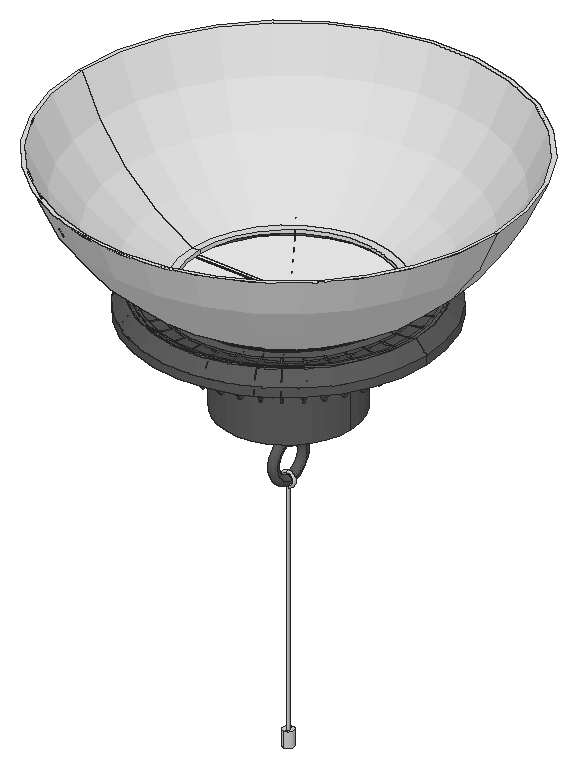
Revit family "0039365+0039356 Sylvania Lighting Fixture START HighBay IP65 DALI 13000lm 840 WB with ALU SHADE ALU COLOR FOR 13 19KLM pendant", category Lighting Fixtures, host Face, Revit 2017
Family settings
  Host = Face
  Round Connector Dimension = Use Diameter
  Part Type = Normal
  OmniClass Number = 23.80.70.00
  OmniClass Title = Lighting
  Cut with Voids When Loaded = No
  Light Source = Yes
  Shared = No
  Room Calculation Point = No
Parameters (values of type "0039365+0039356 START HighBay IP65 DALI 13000lm 840 WB with ALU SHADE ALU COLOR FOR 13/19KLM")
  WidthStraight_FEILO = if(SizeS_FEILO, 3 mm, if(SizeM_FEILO, 4 mm, 4.7 mm))  # 3 mm
  WidthRingChamfer_FEILO = if(SizeS_FEILO, 10.3 mm, if(SizeM_FEILO, 11.2 mm, 12.9 mm))  # 10.3 mm
  WidthCurved_FEILO = if(SizeS_FEILO, 17.4 mm, if(SizeM_FEILO, 16.4 mm, 26.2 mm))  # 17.4 mm
  WidthCurvedRing_FEILO = if(SizeS_FEILO, 3 mm, if(SizeM_FEILO, 4 mm, 4.7 mm))  # 3 mm
  WidthBracket_FEILO = 40 mm
  Weight = "3.0 kg"
  Wattage Comments = ""
  Wattage = 90 W
  WarrantyStartDate [instance] = "n/a"
  WarrantyGuarantorParts = "n/a"
  WarrantyDurationUnit = "n/a"
  WarrantyDurationParts = "n/a"
  WarrantyDescription = "n/a"
  built-in parameter 1150110 = 1 (stored number, unit not read)
  Voltage = 0 V
  VisibilityBracket_FEILO = no
  URL = "http://www.sylvania-lighting.com"
  TypeName = "START HighBay IP65 DALI 13000lm 840 WB with ALU SHADE ALU COLOR FOR 13/19KLM"
  Type Image = <None>
  Type Comments = "n/a"
  built-in parameter 1114217 = 1 (stored number, unit not read)
  Tilt Angle = -90.00°
  ThicknessWall_FEILO = 1.5 mm
  ThicknessBracket_FEILO = 1.5 mm
  ThicknessBracketHalf_FEILO = ThicknessBracket_FEILO / 2  # 0.75 mm
  built-in parameter 1150109 = 1 (stored number, unit not read)
  built-in parameter 1150134 = 1
  SuspensionHeight_FEILO [instance] = 400 mm
  built-in parameter 1150113 = 1 (stored number, unit not read)
  SizeS_FEILO = yes
  SizeM_FEILO = no
  ShadeThickness_FEILO = 3 mm
  ShadeSizeSM_FEILO = or(SizeS_FEILO, SizeM_FEILO)  # yes
  ShadeRadiusOut_FEILO = 205 mm
  ShadeRadiusIn_FEILO = if(ShadeSizeSM_FEILO, 95 mm, 121 mm)  # 95 mm
  ShadeRadiusBend_FEILO = if(ShadeSizeSM_FEILO, 210 mm, 210 mm)  # 210 mm
  ShadeHeight_FEILO = if(ShadeSizeSM_FEILO, 120 mm, 151 mm)  # 120 mm
  SerialNumber [instance] = "n/a"
  Rib4_FEILO = if(SizeS_FEILO, 18.1 mm, if(SizeM_FEILO, 13.6 mm, 14.6 mm))  # 18.1 mm
  Rib3_FEILO = if(SizeS_FEILO, 15.3 mm, if(SizeM_FEILO, 17.6 mm, 20.2 mm))  # 15.3 mm
  Rib2_FEILO = if(SizeS_FEILO, 3.6 mm, if(SizeM_FEILO, 3.9 mm, 4.5 mm))  # 3.6 mm
  Rib1_FEILO = if(SizeS_FEILO, 15.1 mm, if(SizeM_FEILO, 16.5 mm, 19 mm))  # 15.1 mm
  RadiusDiffuser_FEILO = if(SizeS_FEILO, 95.2 mm, if(SizeM_FEILO, 105.3 mm, 120 mm))  # 95.2 mm
  RadiusArrayPost_FEILO = DriverRadius_FEILO - 6 mm  # 55.4 mm
  RHRadius3_FEILO = if(SizeS_FEILO, 6.6 mm, if(SizeM_FEILO, 7.4 mm, 8.6 mm))  # 6.6 mm
  RHRadius2_FEILO = if(SizeS_FEILO, 11 mm, if(SizeM_FEILO, 12 mm, 14 mm))  # 11 mm
  RHRadius1_FEILO = if(SizeS_FEILO, 13.6 mm, if(SizeM_FEILO, 14.9 mm, 17.7 mm))  # 13.6 mm
  RHHeight4_FEILO = if(SizeS_FEILO, 7.3 mm, if(SizeM_FEILO, 8 mm, 9.2 mm))  # 7.3 mm
  RHHeight3_FEILO = if(SizeS_FEILO, 3.6 mm, if(SizeM_FEILO, 3.7 mm, 4.6 mm))  # 3.6 mm
  RHHeight2_FEILO = if(SizeS_FEILO, 2 mm, if(SizeM_FEILO, 2.2 mm, 2.6 mm))  # 2 mm
  RHHeight1_FEILO = if(SizeS_FEILO, 11.8 mm, if(SizeM_FEILO, 15.3 mm, 17.4 mm))  # 11.8 mm
  Photometric Web File = "0039365+0039356.ies"
  Material_5_FEILO = Shade-Sylvania-StartHighbay-Alu
  Material_3_FEILO = LED-Sylvania-StartHighbay-Glow
  PowerFactor = 0.95
  PowerConsumption = "90 W"
  NominalLength = 270 mm
  NominalHeight = 175 mm
  NominalDepth = 270 mm
  Name = "START HighBay IP65 DALI 13000lm 840 WB with ALU SHADE ALU COLOR FOR 13/19KLM"
  ModelReference = Name  # "START HighBay IP65 DALI 13000lm 840 WB with ALU SHADE ALU COLOR FOR 13/19KLM"
  ModelNumber = "0039365+0039356"
  Model = Name  # "START HighBay IP65 DALI 13000lm 840 WB with ALU SHADE ALU COLOR FOR 13/19KLM"
  Material = "aluminium alloy housing, polycarbonate diffuser"
  ManufacturerName = "Feilo Sylvania"
  Manufacturer = "Feilo Sylvania"
  LuminousEfficacy = "130 lm/W"
  built-in parameter 1150105 = 15901.2 (stored number, unit not read)
  Lumens = 11700 lm
  LuminaireType = ""
  built-in parameter 1150115 = 1 (stored number, unit not read)
  LightOutputRatio = "n/a"
  built-in parameter 1150137 = (empty or 0)
  built-in parameter 1150139 = (empty or 0)
  LampsType = Lamp  # "LED"
  LampNominalLuminous = "11700 lm"
  LampMacAdamStep = "6"
  LampColourTemperature = "6500 K"
  LampColourRenderingIndex = "80"
  built-in parameter 1150112 = 1 (stored number, unit not read)
  built-in parameter 1150114 = 1 (stored number, unit not read)
  Lamp = "LED"
  Keynote = "16500"
  InstallationDate [instance] = "n/a"
  InputVoltage = "n/a"
  InputNominalFrequency = "50/60 Hz"
  built-in parameter 1150132 = (empty or 0)
  built-in parameter 1150102 = (empty or 0)
  built-in parameter 1150107 = 6500 (stored number, unit not read)
  built-in parameter 1150138 = (empty or 0)
  IngressProtection = "IP65"
  ImpactProtectionIndex = "IK08"
  built-in parameter 1150106 = 159.01 (stored number, unit not read)
  IfcExportType = "IfcLightFixtureType"
  IfcExportAs = "IfcLightFixtureType"
  HeightRing_FEILO = if(SizeS_FEILO, 19.8 mm, if(SizeM_FEILO, 32 mm, 36.8 mm))  # 19.8 mm
  HeightRingChamfer_FEILO = if(SizeS_FEILO, 11.7 mm, if(SizeM_FEILO, 23.2 mm, 26.6 mm))  # 11.7 mm
  EyeThickness_FEILO = if(SizeS_FEILO, 8.4 mm, if(SizeM_FEILO, 9.2 mm, 10.5 mm))  # 8.4 mm
  EyeThicknessHalf_FEILO = EyeThickness_FEILO / 2  # 4.2 mm
  EyeInner_FEILO = if(SizeS_FEILO, 13.8 mm, if(SizeM_FEILO, 15.1 mm, 17.3 mm))  # 13.8 mm
  ExpectedLife = 50000
  Emit from Circle Diameter = RadiusDiffuser_FEILO * 2  # 190.4 mm
  Emit Shape Visible in Rendering = no
  ElectricShockClassification = "Class I"
  built-in parameter 1150104 = 12.077 (stored number, unit not read)
  DurationUnit = "hours"
  DriverVerticalStraight_FEILO = if(SizeS_FEILO, 46.5 mm, if(SizeM_FEILO, 49.7 mm, 57 mm))  # 46.5 mm
  DriverVerticalChamfer_FEILO = if(SizeS_FEILO, 7.5 mm, if(SizeM_FEILO, 8.2 mm, 9.5 mm))  # 7.5 mm
  DriverRadius_FEILO = if(SizeS_FEILO, 61.4 mm, if(SizeM_FEILO, 67.2 mm, 76.4 mm))  # 61.4 mm
  DriverRadiusTop_FEILO = if(SizeS_FEILO, 42 mm, if(SizeM_FEILO, 45.3 mm, 52.4 mm))  # 42 mm
  DriverBottom_FEILO = if(SizeS_FEILO, 56 mm, if(SizeM_FEILO, 64.5 mm, 74 mm))  # 56 mm
  DocumentationLiterature = "http://www.sylvania-lighting.com/product/en-int/products/0039365"
  DimmingControlOptions = "Dimmable"
  Material_2_FEILO = Diffuser-Sylvania-StartHighbay-Transparent
  Radius_FEILO = if(SizeS_FEILO, 135 mm, if(SizeM_FEILO, 148 mm, 169.5 mm))  # 135 mm
  Dimming Lamp Color Temperature Shift = <None>
  DiameterWire_FEILO = 3 mm
  DiameterWireSupport_FEILO = 10 mm
  Description = "START Highbay, includes 1 m cables, black aluminium housing, 11,700 Lm, 90 W, 130 Lm/W, 6500 K, drive current: 2000 mA, CRI 80, 90° beam angle, DALI dimmable, IP65, IK08, 50,000 hrs (L80/B50), (D x H) 270 x 175 mm."
  Default Elevation = 1219.2 mm
  CreatedOn = "5/15/2018"
  CreatedBy = ""
  Cost = 0
  Color Filter = 16777215
  built-in parameter 1114216 [instance] = (empty or 0)
  ClassificationValue = "EF_70_80"
  ClassificationName = "Uniclass2015"
  Material_1_FEILO = Body-Sylvania-StartHighbay-Black
  BarCode [instance] = "n/a"
  built-in parameter 1114218 = 1 (stored number, unit not read)
  built-in parameter 1150133 = 10 (stored number, unit not read)
  AssetType = "Fixed"
  AssetIdentifier [instance] = "n/a"
  Assembly Code = "D5020200"
  Apparent Load = 90 VA
  Material_4_FEILO = Shade-Sylvania-StartHighbay-Alu
Reference planes
  plane 1 "Center (Front/Back)": y = 0
  plane 2: z = 0
  plane 3 "Center (Left/Right)": x = 0
  plane 4: z = 400
  plane 5: x = -135
  plane 6: x = -124.7
  plane 7: z = 388.3
  plane 8: z = 380.2
  plane 9: x = -121.7
  plane 10: z = 397.375
  plane 11: x = -104.3
  plane 12: x = -95.2
  plane 13: x = -118.7
  plane 14: z = 398.375
  plane 15: z = 396.375
  plane 16: x = -92.2
  plane 17: z = 395.375
  plane 18: x = -133.5
  plane 19: x = -119.9
  plane 20: z = 376.6
  plane 21: x = -104.6
  plane 22: z = 358.5
  plane 23: x = -20
  plane 24: z = 344
  plane 25: x = -61.4
  plane 26: z = 297.5
  plane 27: x = -42
  plane 28: z = 290
  plane 29: x = -13.6
  plane 30: z = 278.2
  plane 31: z = 276.2
  plane 32: x = -11
  plane 33: z = 272.6
  plane 34: z = 265.3
  plane 35: x = -6.6
  plane 36: z = 251.5
  plane 37: z = 237.7
  plane 38: x = 4.2
  plane 39: x = -4.2
  plane 40: z = 229.3
  plane 41: z = 233.5
  plane 42: x = -129.1
  plane 43: x = -132.5
  plane 44: z = 378.7
  plane 45: x = -123.2
  plane 46: z = 320.75
  plane 47: y = -20
  plane 48: y = 20
  plane 49: x = 135
  plane 50: x = 124.7
  plane 51: x = 133.5
  plane 52: x = 129.1
  plane 53: x = 132.5
  plane 54: x = 123.2
  plane 55: z = 240.7
  plane 56: y = 1.5
  plane 57: y = -1.5
  plane 58: z = 239.2
  plane 59: z = 227.8
  plane 60: z = 226.3
  plane 61: y = -5
  plane 62: y = 5
  plane 63: z = 14
  plane 64: x = -205
  plane 65: z = 520
  plane 66: x = -95
  plane 67: x = -87
  plane 68: x = -202
  plane 69: z = 403
Forms (mm)
  Revolve 1, solid, material "Body-Sylvania-StartHighbay-Black" <- "Material_1_FEILO", detail levels medium+fine
    sketch origin (0, 0, 0) x (1, 0, 0) y (0, 0, 1)
      loop
        line (-135, 380.2) -> (-133.5, 380.2) -> (-133.5, 387.734) -> (-125.012, 397.375) -> (-118.7, 397.375) -> (-118.7, 399.16)
        arc (-118.7, 399.16) -> (-120.206, 399.56) -> (-121.7, 400) r 58.981
        line (-121.7, 400) -> (-124.241, 400)
        arc (-124.241, 400) -> (-124.657, 399.911) -> (-124.999, 399.66) r 1.015
        line (-124.999, 399.66) -> (-135, 388.3) -> (-135, 380.2)
      axis (0, 400) -> (0, 380.2)
    angle from 360 to 0
  Revolve 2, solid, material "Body-Sylvania-StartHighbay-Black" <- "Material_1_FEILO", detail levels medium+fine
    sketch origin (0, 0, 0) x (1, 0, 0) y (0, 0, 1)
      loop
        line (-104.3, 395.375) -> (-95.2, 395.375) -> (-95.2, 388.3) -> (0, 388.3) -> (0, 395.375) -> (-92.2, 395.375) -> (-92.2, 396.375) -> (-95.2, 396.375) -> (-95.2, 397.375) -> (-104.3, 397.375) -> (-104.3, 395.375)
      axis (0, 397.375) -> (0, 388.3)
    angle from 360 to 0
  Revolve 3, solid, material "Diffuser-Sylvania-StartHighbay-Transparent" <- "Material_2_FEILO", detail levels medium+fine
    sketch origin (0, 0, 0) x (1, 0, 0) y (0, 0, 1)
      loop
        line (-95.2, 396.375) -> (0, 396.375) -> (0, 398.375) -> (-95.2, 398.375) -> (-95.2, 396.375)
      axis (0, 398.375) -> (0, 396.375)
    angle from 360 to 0
  Revolve 4, solid, material "Body-Sylvania-StartHighbay-Black" <- "Material_1_FEILO"
    sketch origin (0, 0, 0) x (1, 0, 0) y (0, 0, 1)
      loop
        line (-61.4, 358.5) -> (-61.4, 297.5) -> (-42, 290) -> (-13.6, 290) -> (-13.6, 278.2) -> (-11, 276.2) -> (-11, 272.6) -> (-7.037, 266.026)
        arc (-7.037, 266.026) -> (-6.49, 265.494) -> (-5.753, 265.3) r 1.5
        line (-5.753, 265.3) -> (0, 265.3) -> (0, 358.5) -> (-61.4, 358.5)
      axis (0, 358.5) -> (0, 265.3)
    angle from 360 to 0
  Revolve 5, solid, material "Body-Sylvania-StartHighbay-Black" <- "Material_1_FEILO"
    sketch origin (0, 0, 0) x (1, 0, 0) y (0, 0, 1)
      loop
        circle (0, 233.5) r 4.2
      axis (4.2, 251.5) -> (-4.2, 251.5)
    angle from 360 to 0
  Extrusion 6, solid, material "Body-Sylvania-StartHighbay-Black" <- "Material_1_FEILO", visible <- "VisibilityBracket_FEILO"
    sketch origin (0, 0, 0) x (1, 0, 0) y (0, 0, 1)
      loop
        line (-132.5, 380.2) -> (-132.5, 378.7) -> (-125.45, 378.7)
        arc (-125.45, 378.7) -> (-124.92, 378.48) -> (-124.7, 377.95) r 0.75
        line (-124.7, 377.95) -> (-124.7, 320.75) -> (-123.2, 320.75) -> (-123.2, 378.7)
        arc (-123.2, 378.7) -> (-123.639, 379.761) -> (-124.7, 380.2) r 1.5
        line (-124.7, 380.2) -> (-132.5, 380.2)
      loop
        line (132.5, 380.2) -> (124.7, 380.2)
        arc (124.7, 380.2) -> (123.639, 379.761) -> (123.2, 378.7) r 1.5
        line (123.2, 378.7) -> (123.2, 320.75) -> (124.7, 320.75) -> (124.7, 377.95)
        arc (124.7, 377.95) -> (124.92, 378.48) -> (125.45, 378.7) r 0.75
        line (125.45, 378.7) -> (132.5, 378.7) -> (132.5, 380.2)
    from -20 to 20
  Extrusion 7, void
    sketch origin (0, 0, 0) x (0, 1, 0) y (0, 0, 1)
      loop
        arc (-10, 320.75) -> (-17.071, 323.679) -> (-20, 330.75) r 10
        line (-20, 330.75) -> (-25, 330.75) -> (-25, 315.75) -> (-10, 315.75) -> (-10, 320.75)
      loop
        line (10, 320.75) -> (10, 315.75) -> (25, 315.75) -> (25, 330.75) -> (20, 330.75)
        arc (20, 330.75) -> (17.071, 323.679) -> (10, 320.75) r 10
    from -124.7 to 124.7
  Revolve 8, solid, material "Body-Sylvania-StartHighbay-Black" <- "Material_1_FEILO", detail levels coarse
    sketch origin (0, 0, 0) x (1, 0, 0) y (0, 0, 1)
      loop
        line (0, 400) -> (-124.7, 400) -> (-135, 388.3) -> (-135, 380.2) -> (-119.9, 380.2) -> (-119.9, 376.6) -> (-104.6, 358.5) -> (0, 358.5) -> (0, 400)
      axis (0, 400) -> (0, 358.5)
    angle from 360 to 0
  Revolve 9, solid
    sketch origin (0, 0, 0) x (0, 1, 0) y (0, 0, 1)
      loop
        circle (0, 239.2) r 1.5
      axis (1.5, 233.5) -> (-1.5, 233.5)
    angle from 360 to 0
  Revolve 10, solid
    sketch origin (0, 0, 0) x (0, 1, 0) y (0, 0, 1)
      loop
        line (0, 0) -> (0, 227.8) -> (-1.5, 227.8) -> (-1.5, 14) -> (-5, 14) -> (-5, 0) -> (0, 0)
      axis (0, 0) -> (0, 227.8)
    angle from 360 to 0
  Revolve 11, solid, material "Shade-Sylvania-StartHighbay-Alu" <- "Material_4_FEILO"
    sketch origin (0, 0, 0) x (1, 0, 0) y (0, 0, 1)
      loop
        line (-95, 400) -> (-87, 400) -> (-87, 403) -> (-94.341, 403)
        arc (-94.341, 403) -> (-159.747, 450.78) -> (-201.81, 520) r 207
        line (-201.81, 520) -> (-205, 520)
        arc (-205, 520) -> (-162.101, 448.908) -> (-95, 400) r 210
      axis (0, 520) -> (0, 400)
    angle from 360 to 0
Cuts and joins
  Extrusion 7 cuts Extrusion 6
Lines and regions (mm)
  reference lines
    curve 1: line (-135, 0, 388.3) -> (-124.7, 0, 400)
    curve 2: line (-104.3, 0, 397.375) -> (0, 0, 397.375)
    curve 3: arc (-104.3, 0, 397.375) -> (-113.098, 0, 398.035) -> (-121.7, 0, 400) r 58.981
    curve 4: line (-124.7, 0, 400) -> (-121.7, 0, 400)
    curve 5: line (-125.012, 0, 397.375) -> (-133.5, 0, 387.734)
    curve 6: line (-119.9, 0, 376.6) -> (-104.6, 0, 358.5)
    curve 7: line (-11, 0, 272.6) -> (-6.6, 0, 265.3)
    curve 8: circle (0, 0, 233.5) r 4.2 normal (0, -1, 0)
    curve 9: arc (-95, 0, 400) -> (-162.101, 0, 448.908) -> (-205, 0, 520) r 210
Dimensions and locks
  "Radius_FEILO": plane 3 "Center (Left/Right)" to plane 5
  "WidthRingChamfer_FEILO": plane 6 to plane 5
  "WidthStraight_FEILO": plane 9 to plane 6
  "WidthCurvedRing_FEILO": plane 13 to plane 9
  locked: plane 10 to plane 15 at 1
  locked: plane 14 to plane 10 at 1
  locked: plane 4 to plane 10 at 2.625
  locked: plane 15 to plane 17 at 1
  "ThicknessWall_FEILO": plane 18 to plane 5
  "ThicknessWall_FEILO": curve 5 to curve 1
  "HeightRingChamfer_FEILO": plane 4 to plane 7
  "HeightRing_FEILO": plane 4 to plane 8
  "RadiusDiffuser_FEILO": plane 3 "Center (Left/Right)" to plane 12
  locked: plane 16 to plane 12 at 3
  "WidthCurved_FEILO": plane 11 to plane 9
  "SuspensionHeight_FEILO": plane 4 to plane 2
  "Rib1_FEILO": plane 19 to plane 5
  "Rib2_FEILO": plane 8 to plane 20
  "Rib3_FEILO": plane 21 to plane 19
  "Rib4_FEILO": plane 20 to plane 22
  locked: plane 3 "Center (Left/Right)" to plane 23 at 20
  "DriverBottom_FEILO": plane 4 to plane 24
  "DriverRadius_FEILO": plane 3 "Center (Left/Right)" to plane 25
  "DriverVerticalStraight_FEILO": plane 24 to plane 26
  "DriverRadiusTop_FEILO": plane 3 "Center (Left/Right)" to plane 27
  "DriverVerticalChamfer_FEILO": plane 26 to plane 28
  "RHRadius1_FEILO": plane 3 "Center (Left/Right)" to plane 29
  "RHHeight2_FEILO": plane 30 to plane 31
  "RHRadius2_FEILO": plane 3 "Center (Left/Right)" to plane 32
  "RHHeight3_FEILO": plane 31 to plane 33
  "RHHeight4_FEILO": plane 33 to plane 34
  "RHRadius3_FEILO": plane 3 "Center (Left/Right)" to plane 35
  "RHHeight1_FEILO": plane 28 to plane 30
  "EyeInner_FEILO": plane 34 to plane 36
  "EyeInner_FEILO": plane 36 to plane 37
  equal spacing: plane 38, plane 3 "Center (Left/Right)", plane 39
  "EyeThickness_FEILO": plane 38 to plane 39
  "EyeThickness_FEILO": plane 37 to plane 40
  equal spacing: plane 37, plane 41, plane 40
  equal spacing: plane 6, plane 42, plane 18
  "ThicknessBracket_FEILO": plane 45 to plane 6
  "ThicknessBracket_FEILO": plane 8 to plane 44
  locked: plane 43 to plane 18 at 1
  equal spacing: plane 24, plane 46, plane 26
  equal spacing: plane 47, plane 1 "Center (Front/Back)", plane 48
  "WidthBracket_FEILO": plane 47 to plane 48
  "WidthRingChamfer_FEILO": plane 50 to plane 49
  "ThicknessWall_FEILO": plane 51 to plane 49
  equal spacing: plane 50, plane 52, plane 51
  "ThicknessBracket_FEILO": plane 54 to plane 50
  locked: plane 53 to plane 51 at 1
  "Radius_FEILO": plane 49 to plane 3 "Center (Left/Right)"
  equal spacing: plane 57, imposter light, plane 56
  "DiameterWire_FEILO": plane 57 to plane 56
  "DiameterWire_FEILO": plane 37 to plane 55
  equal spacing: plane 37, plane 58, plane 55
  "DiameterWire_FEILO": plane 60 to plane 40
  equal spacing: plane 60, plane 59, plane 40
  equal spacing: plane 61, plane 1 "Center (Front/Back)", plane 62
  "DiameterWireSupport_FEILO": plane 61 to plane 62
  locked: plane 63 to plane 2 at 14
  "ShadeRadiusOut_FEILO": plane 3 "Center (Left/Right)" to plane 64
  "ShadeHeight_FEILO": plane 65 to plane 4
  "ShadeRadiusIn_FEILO": plane 3 "Center (Left/Right)" to plane 66
  locked: plane 67 to plane 66 at 8
  "ShadeThickness_FEILO": plane 69 to plane 4
  "ShadeThickness_FEILO": plane 68 to plane 64
  "EyeThicknessHalf_FEILO": radius of curve 8
  "ThicknessBracket_FEILO": radius of Extrusion 6 sketch curve  (x2)
  "ThicknessBracketHalf_FEILO": radius of Extrusion 6 sketch curve  (x2)
  "DiameterWire_FEILO": diameter of Revolve 9 sketch curve
  "ShadeRadiusBend_FEILO": radius of curve 9
  aligned and locked: plane 2 to host face
  aligned and locked: level to host face
  aligned and locked: plane 5 to curve 1
  aligned and locked: plane 6 to curve 1
  aligned and locked: plane 7 to curve 1
  aligned and locked: plane 10 to curve 2
  aligned and locked: plane 9 to curve 3
  aligned and locked: plane 4 to curve 3
  aligned and locked: plane 11 to curve 3
  aligned and locked: plane 4 to curve 4
  aligned and locked: plane 18 to curve 5
  aligned and locked: plane 10 to curve 5
  aligned and locked: Revolve 1 sketch curve to plane 3 "Center (Left/Right)"
  aligned and locked: Revolve 1 sketch curve to curve 3
  aligned and locked: Revolve 1 sketch curve to curve 1
  aligned and locked: plane 4 to Revolve 1 sketch curve
  aligned and locked: plane 9 to Revolve 1 sketch curve
  aligned and locked: Revolve 1 sketch curve to plane 13
  aligned and locked: Revolve 1 sketch curve to plane 10
  aligned and locked: plane 13 to Revolve 1 sketch curve
  aligned and locked: plane 10 to Revolve 1 sketch curve
  aligned and locked: Revolve 1 sketch curve to plane 18
  aligned and locked: Revolve 1 sketch curve to plane 8
  aligned and locked: plane 5 to Revolve 1 sketch curve  (x2)
  aligned and locked: Revolve 2 sketch curve to plane 3 "Center (Left/Right)"
  aligned and locked: plane 11 to Revolve 2 sketch curve
  aligned and locked: Revolve 2 sketch curve to curve 2
  aligned and locked: plane 15 to Revolve 2 sketch curve
  aligned and locked: Revolve 2 sketch curve to plane 16
  aligned and locked: plane 17 to Revolve 2 sketch curve  (x2)
  aligned and locked: Revolve 2 sketch curve to plane 12
  aligned and locked: plane 7 to Revolve 2 sketch curve
  aligned and locked: Revolve 3 sketch curve to plane 3 "Center (Left/Right)"
  aligned and locked: Revolve 3 sketch curve to plane 14
  aligned and locked: plane 3 "Center (Left/Right)" to Revolve 3 sketch curve
  aligned and locked: Revolve 3 sketch curve to plane 12
  aligned and locked: plane 15 to Revolve 3 sketch curve
  aligned and locked: Revolve 1 sketch curve to curve 5
  aligned and locked: plane 22 to curve 6
  aligned and locked: plane 21 to curve 6
  aligned and locked: plane 20 to curve 6
  aligned and locked: plane 19 to curve 6
  aligned and locked: plane 33 to curve 7
  aligned and locked: plane 32 to curve 7
  aligned and locked: plane 35 to curve 7
  aligned and locked: plane 34 to curve 7
  aligned and locked: Revolve 4 sketch curve to plane 3 "Center (Left/Right)"
  aligned and locked: Revolve 4 sketch curve to plane 25
  aligned and locked: plane 27 to Revolve 4 sketch curve
  aligned and locked: plane 28 to Revolve 4 sketch curve
  aligned and locked: plane 30 to Revolve 4 sketch curve
  aligned and locked: Revolve 4 sketch curve to plane 29
  aligned and locked: plane 31 to Revolve 4 sketch curve
  aligned and locked: Revolve 4 sketch curve to curve 7
  aligned and locked: Revolve 4 sketch curve to plane 32
  aligned and locked: plane 34 to Revolve 4 sketch curve
  aligned and locked: plane 3 "Center (Left/Right)" to Revolve 4 sketch curve
  aligned and locked: plane 3 "Center (Left/Right)" to curve 8
  aligned and locked: plane 41 to curve 8
  aligned and locked: Revolve 5 sketch curve to plane 36
  aligned and locked: Revolve 5 sketch curve to curve 8
  aligned and locked: plane 43 to Extrusion 6 sketch curve  (x2)
  aligned and locked: plane 8 to Extrusion 6 sketch curve  (x3)
  aligned and locked: Extrusion 6 sketch curve to plane 45
  aligned and locked: Extrusion 6 sketch curve to plane 46  (x2)
  aligned and locked: plane 6 to Extrusion 6 sketch curve
  aligned and locked: Extrusion 6 sketch curve to plane 44  (x2)
  aligned and locked: Extrusion 6 to plane 48
  aligned and locked: plane 47 to Extrusion 6
  aligned and locked: plane 53 to Extrusion 6 sketch curve
  aligned and locked: plane 50 to Extrusion 6 sketch curve
  aligned and locked: Extrusion 6 sketch curve to plane 54
  aligned and locked: Extrusion 7 sketch curve to Extrusion 7 sketch curve
  aligned and locked: Extrusion 7 to plane 6
  aligned and locked: Extrusion 7 to Extrusion 6
  aligned and locked: Revolve 4 sketch curve to plane 22
  aligned and locked: plane 23 to nested 1
  aligned and locked: plane 1 "Center (Front/Back)" to nested 1
  aligned and locked: Revolve 8 sketch curve to plane 3 "Center (Left/Right)"
  aligned and locked: Revolve 8 sketch curve to plane 4
  aligned and locked: plane 6 to Revolve 8 sketch curve
  aligned and locked: plane 4 to Revolve 8 sketch curve
  aligned and locked: plane 7 to Revolve 8 sketch curve
  aligned and locked: Revolve 8 sketch curve to plane 5
  aligned and locked: plane 8 to Revolve 8 sketch curve  (x2)
  aligned and locked: Revolve 8 sketch curve to plane 19
  aligned and locked: plane 20 to Revolve 8 sketch curve
  aligned and locked: plane 19 to Revolve 8 sketch curve
  aligned and locked: plane 21 to Revolve 8 sketch curve
  aligned and locked: plane 22 to Revolve 8 sketch curve  (x2)
  aligned and locked: Revolve 8 sketch curve to Revolve 8 sketch curve
  aligned and locked: imposter light to plane 4
  aligned and locked: plane 3 "Center (Left/Right)" to imposter light
  aligned and locked: imposter light to plane 1 "Center (Front/Back)"
  aligned and locked: Revolve 9 sketch curve to plane 41
  aligned and locked: Revolve 10 sketch curve to plane 1 "Center (Front/Back)"
  aligned and locked: plane 1 "Center (Front/Back)" to Revolve 10 sketch curve  (x2)
  aligned and locked: host face to Revolve 10 sketch curve
  aligned and locked: plane 63 to Revolve 10 sketch curve
  aligned and locked: Revolve 10 sketch curve to plane 61
  aligned and locked: Revolve 10 sketch curve to plane 57
  aligned and locked: plane 59 to Revolve 10 sketch curve
  aligned and locked: plane 64 to curve 9
  aligned and locked: plane 65 to curve 9
  aligned and locked: plane 66 to curve 9
  aligned and locked: plane 4 to curve 9
  aligned and locked: Revolve 11 sketch curve to curve 9
  aligned and locked: plane 67 to Revolve 11 sketch curve
  aligned and locked: plane 66 to Revolve 11 sketch curve
  aligned and locked: plane 65 to Revolve 11 sketch curve  (x2)
  aligned and locked: Revolve 11 sketch curve to plane 67
  aligned and locked: plane 69 to Revolve 11 sketch curve
Automatic sketch dimensions
  host sketch curve to host sketch curve = 2438.4 mm  (x2)
  Revolve 1 sketch curve to plane 6 = 0.299 mm
  plane 6 to Revolve 1 sketch curve = 0.459 mm
  Revolve 1 sketch curve to level = 609.6 mm
  Revolve 1 sketch curve to Revolve 1 sketch curve = 2312.223 mm
  Revolve 2 sketch curve to plane 12 = 0 mm
  Revolve 2 sketch curve to plane 3 "Center (Left/Right)" = 0 mm
  Revolve 2 sketch curve to level = 609.6 mm
  Revolve 2 sketch curve to plane 4 = 2339.058 mm
  Revolve 3 sketch curve to level = 609.6 mm
  Revolve 3 sketch curve to plane 4 = 2339.058 mm
  Revolve 5 sketch curve to plane 5 = 1080 mm
  plane 38 to Revolve 5 sketch curve = 1219.2 mm
  Extrusion 7 sketch curve to plane 47 = 0 mm
  plane 46 to Extrusion 7 sketch curve = 0 mm  (x2)
  Extrusion 7 sketch curve to plane 48 = 0 mm
  plane 47 to Extrusion 7 sketch curve = 5 mm
  plane 1 "Center (Front/Back)" to Extrusion 7 sketch curve = 10 mm
  Extrusion 7 sketch curve to Extrusion 7 sketch curve = 10 mm
  plane 46 to Extrusion 7 sketch curve = 5 mm
  Extrusion 7 sketch curve to Extrusion 7 sketch curve = 5 mm
  Extrusion 7 sketch curve to plane 48 = 5 mm
  Revolve 4 sketch curve to plane 26 = 0 mm
  Revolve 4 sketch curve to plane 35 = 0.437 mm
  plane 35 to Revolve 4 sketch curve = 0.847 mm
  Revolve 4 sketch curve to plane 34 = 0.726 mm
  plane 40 to Revolve 4 sketch curve = 590.2 mm
  Revolve 4 sketch curve to plane 4 = 2339.058 mm
  Revolve 8 sketch curve to level = 609.6 mm
  Revolve 8 sketch curve to Revolve 8 sketch curve = 2386.058 mm
  Revolve 9 sketch curve to plane 1 "Center (Front/Back)" = 0 mm
  plane 58 to Revolve 9 sketch curve = 0 mm
  plane 47 to Revolve 9 sketch curve = 2534.941 mm
  Revolve 9 sketch curve to plane 48 = 2077.409 mm
  Revolve 10 sketch curve to Revolve 10 sketch curve = 609.6 mm
  Revolve 10 sketch curve to plane 4 = 2123.807 mm
  curve 2 to plane 3 "Center (Left/Right)" = 0 mm
  Revolve 11 sketch curve to Revolve 11 sketch curve = 0 mm  (x2)
  Revolve 11 sketch curve to plane 3 "Center (Left/Right)" = 0 mm
  plane 66 to Revolve 11 sketch curve = 0.659 mm
  Revolve 11 sketch curve to level = 609.6 mm
  Revolve 11 sketch curve to Revolve 11 sketch curve = 2068.248 mm
Nested families
  nested 1: "Start Highbay Rib" at (0, 0, 397.375), type "Type Name", detail levels medium+fine
    with SuspensionHeight_FEILO 2.6 mm
  nested 2: "Start Highbay Rib" at (0, 0, 397.375) x (0.9877, 0.1564, 0) z (0, 0, 1), type "Type Name", detail levels medium+fine
    with SuspensionHeight_FEILO 2.6 mm
  nested 3: "Start Highbay Rib" at (0, 0, 397.375) x (0.9511, 0.309, 0) z (0, 0, 1), type "Type Name", detail levels medium+fine
    with SuspensionHeight_FEILO 2.6 mm
  nested 4: "Start Highbay Rib" at (0, 0, 397.375) x (0.891, 0.454, 0) z (0, 0, 1), type "Type Name", detail levels medium+fine
    with SuspensionHeight_FEILO 2.6 mm
  nested 5: "Start Highbay Rib" at (0, 0, 397.375) x (0.809, 0.5878, 0) z (0, 0, 1), type "Type Name", detail levels medium+fine
    with SuspensionHeight_FEILO 2.6 mm
  nested 6: "Start Highbay Rib" at (0, 0, 397.375) x (0.7071, 0.7071, 0) z (0, 0, 1), type "Type Name", detail levels medium+fine
    with SuspensionHeight_FEILO 2.6 mm
  nested 7: "Start Highbay Rib" at (0, 0, 397.375) x (0.5878, 0.809, 0) z (0, 0, 1), type "Type Name", detail levels medium+fine
    with SuspensionHeight_FEILO 2.6 mm
  nested 8: "Start Highbay Rib" at (0, 0, 397.375) x (0.454, 0.891, 0) z (0, 0, 1), type "Type Name", detail levels medium+fine
    with SuspensionHeight_FEILO 2.6 mm
  nested 9: "Start Highbay Rib" at (0, 0, 397.375) x (0.309, 0.9511, 0) z (0, 0, 1), type "Type Name", detail levels medium+fine
    with SuspensionHeight_FEILO 2.6 mm
  nested 10: "Start Highbay Rib" at (0, 0, 397.375) x (0.1564, 0.9877, 0) z (0, 0, 1), type "Type Name", detail levels medium+fine
    with SuspensionHeight_FEILO 2.6 mm
  nested 11: "Start Highbay Rib" at (0, 0, 397.375) x (0, 1, 0) z (0, 0, 1), type "Type Name", detail levels medium+fine
    with SuspensionHeight_FEILO 2.6 mm
  nested 12: "Start Highbay Rib" at (0, 0, 397.375) x (-0.1564, 0.9877, 0) z (0, 0, 1), type "Type Name", detail levels medium+fine
    with SuspensionHeight_FEILO 2.6 mm
  nested 13: "Start Highbay Rib" at (0, 0, 397.375) x (-0.309, 0.9511, 0) z (0, 0, 1), type "Type Name", detail levels medium+fine
    with SuspensionHeight_FEILO 2.6 mm
  nested 14: "Start Highbay Rib" at (0, 0, 397.375) x (-0.454, 0.891, 0) z (0, 0, 1), type "Type Name", detail levels medium+fine
    with SuspensionHeight_FEILO 2.6 mm
  nested 15: "Start Highbay Rib" at (0, 0, 397.375) x (-0.5878, 0.809, 0) z (0, 0, 1), type "Type Name", detail levels medium+fine
    with SuspensionHeight_FEILO 2.6 mm
  nested 16: "Start Highbay Rib" at (0, 0, 397.375) x (-0.7071, 0.7071, 0) z (0, 0, 1), type "Type Name", detail levels medium+fine
    with SuspensionHeight_FEILO 2.6 mm
  nested 17: "Start Highbay Rib" at (0, 0, 397.375) x (-0.809, 0.5878, 0) z (0, 0, 1), type "Type Name", detail levels medium+fine
    with SuspensionHeight_FEILO 2.6 mm
  nested 18: "Start Highbay Rib" at (0, 0, 397.375) x (-0.891, 0.454, 0) z (0, 0, 1), type "Type Name", detail levels medium+fine
    with SuspensionHeight_FEILO 2.6 mm
  nested 19: "Start Highbay Rib" at (0, 0, 397.375) x (-0.9511, 0.309, 0) z (0, 0, 1), type "Type Name", detail levels medium+fine
    with SuspensionHeight_FEILO 2.6 mm
  nested 20: "Start Highbay Rib" at (0, 0, 397.375) x (-0.9877, 0.1564, 0) z (0, 0, 1), type "Type Name", detail levels medium+fine
    with SuspensionHeight_FEILO 2.6 mm
  nested 21: "Start Highbay Rib" at (0, 0, 397.375) x (-1, 0, 0) z (0, 0, 1), type "Type Name", detail levels medium+fine
    with SuspensionHeight_FEILO 2.6 mm
  nested 22: "Start Highbay Rib" at (0, 0, 397.375) x (-0.9877, -0.1564, 0) z (0, 0, 1), type "Type Name", detail levels medium+fine
    with SuspensionHeight_FEILO 2.6 mm
  nested 23: "Start Highbay Rib" at (0, 0, 397.375) x (-0.9511, -0.309, 0) z (0, 0, 1), type "Type Name", detail levels medium+fine
    with SuspensionHeight_FEILO 2.6 mm
  nested 24: "Start Highbay Rib" at (0, 0, 397.375) x (-0.891, -0.454, 0) z (0, 0, 1), type "Type Name", detail levels medium+fine
    with SuspensionHeight_FEILO 2.6 mm
  nested 25: "Start Highbay Rib" at (0, 0, 397.375) x (-0.809, -0.5878, 0) z (0, 0, 1), type "Type Name", detail levels medium+fine
    with SuspensionHeight_FEILO 2.6 mm
  nested 26: "Start Highbay Rib" at (0, 0, 397.375) x (-0.7071, -0.7071, 0) z (0, 0, 1), type "Type Name", detail levels medium+fine
    with SuspensionHeight_FEILO 2.6 mm
  nested 27: "Start Highbay Rib" at (0, 0, 397.375) x (-0.5878, -0.809, 0) z (0, 0, 1), type "Type Name", detail levels medium+fine
    with SuspensionHeight_FEILO 2.6 mm
  nested 28: "Start Highbay Rib" at (0, 0, 397.375) x (-0.454, -0.891, 0) z (0, 0, 1), type "Type Name", detail levels medium+fine
    with SuspensionHeight_FEILO 2.6 mm
  nested 29: "Start Highbay Rib" at (0, 0, 397.375) x (-0.309, -0.9511, 0) z (0, 0, 1), type "Type Name", detail levels medium+fine
    with SuspensionHeight_FEILO 2.6 mm
  nested 30: "Start Highbay Rib" at (0, 0, 397.375) x (-0.1564, -0.9877, 0) z (0, 0, 1), type "Type Name", detail levels medium+fine
    with SuspensionHeight_FEILO 2.6 mm
  nested 31: "Start Highbay Rib" at (0, 0, 397.375) x (0, -1, 0) z (0, 0, 1), type "Type Name", detail levels medium+fine
    with SuspensionHeight_FEILO 2.6 mm
  nested 32: "Start Highbay Rib" at (0, 0, 397.375) x (0.1564, -0.9877, 0) z (0, 0, 1), type "Type Name", detail levels medium+fine
    with SuspensionHeight_FEILO 2.6 mm
  nested 33: "Start Highbay Rib" at (0, 0, 397.375) x (0.309, -0.9511, 0) z (0, 0, 1), type "Type Name", detail levels medium+fine
    with SuspensionHeight_FEILO 2.6 mm
  nested 34: "Start Highbay Rib" at (0, 0, 397.375) x (0.454, -0.891, 0) z (0, 0, 1), type "Type Name", detail levels medium+fine
    with SuspensionHeight_FEILO 2.6 mm
  nested 35: "Start Highbay Rib" at (0, 0, 397.375) x (0.5878, -0.809, 0) z (0, 0, 1), type "Type Name", detail levels medium+fine
    with SuspensionHeight_FEILO 2.6 mm
  nested 36: "Start Highbay Rib" at (0, 0, 397.375) x (0.7071, -0.7071, 0) z (0, 0, 1), type "Type Name", detail levels medium+fine
    with SuspensionHeight_FEILO 2.6 mm
  nested 37: "Start Highbay Rib" at (0, 0, 397.375) x (0.809, -0.5878, 0) z (0, 0, 1), type "Type Name", detail levels medium+fine
    with SuspensionHeight_FEILO 2.6 mm
  nested 38: "Start Highbay Rib" at (0, 0, 397.375) x (0.891, -0.454, 0) z (0, 0, 1), type "Type Name", detail levels medium+fine
    with SuspensionHeight_FEILO 2.6 mm
  nested 39: "Start Highbay Rib" at (0, 0, 397.375) x (0.9511, -0.309, 0) z (0, 0, 1), type "Type Name", detail levels medium+fine
    with SuspensionHeight_FEILO 2.6 mm
  nested 40: "Start Highbay Rib" at (0, 0, 397.375) x (0.9877, -0.1564, 0) z (0, 0, 1), type "Type Name", detail levels medium+fine
    with SuspensionHeight_FEILO 2.6 mm
Connectors
  electrical at (0, 0, 0), driven by "Apparent Load", driven by "PowerFactor", driven by "Voltage"
    settings: index 1, voltage 0 V, apparent load 90 VA, apparent load phase1 0 VA, apparent load phase2 0 VA, apparent load phase3 0 VA, power factor 0.95, load classification "Lighting", number of poles 1, system type 30, power factor state 1, is connector primary yes, connector utility no, sub classification motor no, connector description ""
Definition of nested family "Start Highbay Rib"
  Parameters (values of type "Type Name")
    WidthStraight_FEILO = if(SizeS_FEILO, 3 mm, if(SizeM_FEILO, 4 mm, 4.7 mm))  # 3 mm
    WidthRingChamfer_FEILO = if(SizeS_FEILO, 10.3 mm, if(SizeM_FEILO, 11.2 mm, 12.9 mm))  # 10.3 mm
    WidthCurved_FEILO = if(SizeS_FEILO, 17.4 mm, if(SizeM_FEILO, 16.4 mm, 26.2 mm))  # 17.4 mm
    WidthCurvedRing_FEILO = if(SizeS_FEILO, 3 mm, if(SizeM_FEILO, 4 mm, 4.7 mm))  # 3 mm
    WidthBracket_FEILO = 40 mm
    URL = "http://www.feilosylvania.com"
    Type Image = (empty or 0)
    Type Comments = "n/a"
    ThicknessWall_FEILO = 1.5 mm
    ThicknessBracket_FEILO = 1.5 mm
    ThicknessBracketHalf_FEILO = ThicknessBracket_FEILO / 2  # 0.75 mm
    SuspensionHeight_FEILO [instance] = 2.6 mm
    SizeS_FEILO = yes
    SizeM_FEILO = no
    Rib4_FEILO = if(SizeS_FEILO, 18.1 mm, if(SizeM_FEILO, 13.6 mm, 14.6 mm))  # 18.1 mm
    Rib3_FEILO = if(SizeS_FEILO, 15.3 mm, if(SizeM_FEILO, 17.6 mm, 20.2 mm))  # 15.3 mm
    Rib2_FEILO = if(SizeS_FEILO, 3.6 mm, if(SizeM_FEILO, 3.9 mm, 4.5 mm))  # 3.6 mm
    Rib1_FEILO = if(SizeS_FEILO, 15.1 mm, if(SizeM_FEILO, 16.5 mm, 19 mm))  # 15.1 mm
    RadiusRib_FEILO = 2 mm
    RadiusDiffuser_FEILO = if(SizeS_FEILO, 95.2 mm, if(SizeM_FEILO, 105.3 mm, 120 mm))  # 95.2 mm
    RHRadius3_FEILO = if(SizeS_FEILO, 6.6 mm, if(SizeM_FEILO, 7.4 mm, 8.6 mm))  # 6.6 mm
    RHRadius2_FEILO = if(SizeS_FEILO, 11 mm, if(SizeM_FEILO, 12 mm, 14 mm))  # 11 mm
    RHRadius1_FEILO = if(SizeS_FEILO, 13.6 mm, if(SizeM_FEILO, 14.9 mm, 17.7 mm))  # 13.6 mm
    RHHeight4_FEILO = if(SizeS_FEILO, 7.3 mm, if(SizeM_FEILO, 8 mm, 9.2 mm))  # 7.3 mm
    RHHeight3_FEILO = if(SizeS_FEILO, 3.6 mm, if(SizeM_FEILO, 3.7 mm, 4.6 mm))  # 3.6 mm
    RHHeight2_FEILO = if(SizeS_FEILO, 2 mm, if(SizeM_FEILO, 2.2 mm, 2.6 mm))  # 2 mm
    RHHeight1_FEILO = if(SizeS_FEILO, 11.8 mm, if(SizeM_FEILO, 15.3 mm, 17.4 mm))  # 11.8 mm
    Material_3_FEILO = none
    Model = ""
    Manufacturer = "Feilo Sylvania"
    Keynote = "16500"
    HeightRing_FEILO = if(SizeS_FEILO, 19.8 mm, if(SizeM_FEILO, 32 mm, 36.8 mm))  # 19.8 mm
    HeightRingChamfer_FEILO = if(SizeS_FEILO, 11.7 mm, if(SizeM_FEILO, 23.2 mm, 26.6 mm))  # 11.7 mm
    EyeThickness_FEILO = if(SizeS_FEILO, 8.4 mm, if(SizeM_FEILO, 9.2 mm, 10.5 mm))  # 8.4 mm
    EyeThicknessHalf_FEILO = EyeThickness_FEILO / 2  # 4.2 mm
    EyeInner_FEILO = if(SizeS_FEILO, 13.8 mm, if(SizeM_FEILO, 15.1 mm, 17.3 mm))  # 13.8 mm
    DriverVerticalStraight_FEILO = if(SizeS_FEILO, 46.5 mm, if(SizeM_FEILO, 49.7 mm, 57 mm))  # 46.5 mm
    DriverVerticalChamfer_FEILO = if(SizeS_FEILO, 7.5 mm, if(SizeM_FEILO, 8.2 mm, 9.5 mm))  # 7.5 mm
    DriverRadius_FEILO = if(SizeS_FEILO, 61.4 mm, if(SizeM_FEILO, 67.2 mm, 76.4 mm))  # 61.4 mm
    DriverRadiusTop_FEILO = if(SizeS_FEILO, 42 mm, if(SizeM_FEILO, 45.3 mm, 52.4 mm))  # 42 mm
    DriverBottom_FEILO = if(SizeS_FEILO, 56 mm, if(SizeM_FEILO, 64.5 mm, 74 mm))  # 56 mm
    Material_2_FEILO = none
    Radius_FEILO = if(SizeS_FEILO, 135 mm, if(SizeM_FEILO, 148 mm, 169.5 mm))  # 135 mm
    Description = ""
    Default Elevation = 1219.2 mm
    Cost = 0
    Material_1_FEILO = none
    Assembly Code = "D5020200"
    Material_4_FEILO = none
  Reference planes
    plane 1 "Center (Front/Back)": y = 0
    plane 2: z = 0
    plane 3 "Center (Left/Right)": x = 0
    plane 4: z = 2.6
    plane 5: x = -135
    plane 6: x = -124.7
    plane 7: z = -9.1
    plane 8: z = -17.2
    plane 9: x = -121.7
    plane 10: z = -0.025
    plane 11: x = -104.3
    plane 12: x = -95.2
    plane 13: x = -118.7
    plane 14: z = 0.975
    plane 15: z = -1.025
    plane 16: x = -92.2
    plane 17: z = -2.025
    plane 18: x = -133.5
    plane 19: x = -119.9
    plane 20: z = -20.8
    plane 21: x = -104.6
    plane 22: z = -38.9
    plane 23: x = -20
    plane 24: z = -53.4
    plane 25: x = -61.4
    plane 26: z = -99.9
    plane 27: x = -42
    plane 28: z = -107.4
    plane 29: x = -13.6
    plane 30: z = -119.2
    plane 31: z = -121.2
    plane 32: x = -11
    plane 33: z = -124.8
    plane 34: z = -132.1
    plane 35: x = -6.6
    plane 36: z = -145.9
    plane 37: z = -159.7
    plane 38: x = 4.2
    plane 39: x = -4.2
    plane 40: z = -168.1
    plane 41: z = -163.9
    plane 42: x = -129.1
    plane 43: x = -132.5
    plane 44: z = -18.7
    plane 45: x = -123.2
    plane 46: z = -76.65
    plane 47: y = -20
    plane 48: y = 20
    plane 49: x = 135
    plane 50: x = 124.7
    plane 51: x = 133.5
    plane 52: x = 129.1
    plane 53: x = 132.5
    plane 54: x = 123.2
    plane 55: y = 0.75
    plane 56: y = -0.75
  Forms (mm)
    Extrusion 1, solid
      sketch origin (4.2, 0, 0) x (1, 0, 0) y (0, 1, 0)
        loop
          line (-1219.2, 1219.2) -> (-1219.2, -1219.2) -> (1219.2, -1219.2) -> (1219.2, 1219.2) -> (-1219.2, 1219.2)
      from 0 to -68.017
    Extrusion 2, solid, material <- "Material_1_FEILO"
      sketch origin (0, 0, 0) x (1, 0, 0) y (0, 0, 1)
        loop
          arc (-104.3, -0.025) -> (-111.555, 0.423) -> (-118.7, 1.76) r 58.981
          line (-118.7, 1.76) -> (-118.7, -0.025) -> (-125.012, -0.025) -> (-133.5, -9.666) -> (-133.5, -17.2) -> (-119.9, -17.2) -> (-119.9, -20.068)
          arc (-119.9, -20.068) -> (-119.778, -20.755) -> (-119.427, -21.359) r 2
          line (-119.427, -21.359) -> (-104.966, -38.467)
          arc (-104.966, -38.467) -> (-104.381, -38.789) -> (-103.723, -38.9) r 2
          line (-103.723, -38.9) -> (-20, -38.9) -> (-20, -9.1) -> (-95.2, -9.1) -> (-95.2, -2.025) -> (-104.3, -2.025) -> (-104.3, -0.025)
      from -0.75 to 0.75
  Lines and regions (mm)
    reference lines
      curve 1: line (-135, 0, -9.1) -> (-124.7, 0, 2.6)
      curve 2: line (-104.3, 0, -0.025) -> (0, 0, -0.025)
      curve 3: arc (-104.3, 0, -0.025) -> (-113.098, 0, 0.635) -> (-121.7, 0, 2.6) r 58.981
      curve 4: line (-124.7, 0, 2.6) -> (-121.7, 0, 2.6)
      curve 5: line (-125.012, 0, -0.025) -> (-133.5, 0, -9.666)
      curve 6: line (-119.9, 0, -20.8) -> (-104.6, 0, -38.9)
  Dimensions and locks
    "Radius_FEILO": plane 3 "Center (Left/Right)" to plane 5
    "WidthRingChamfer_FEILO": plane 6 to plane 5
    "WidthStraight_FEILO": plane 9 to plane 6
    "WidthCurvedRing_FEILO": plane 13 to plane 9
    locked: plane 10 to plane 15 at 1
    locked: plane 14 to plane 10 at 1
    locked: plane 4 to plane 10 at 2.625
    locked: plane 15 to plane 17 at 1
    "ThicknessWall_FEILO": plane 18 to plane 5
    "ThicknessWall_FEILO": curve 5 to curve 1
    "HeightRingChamfer_FEILO": plane 4 to plane 7
    "HeightRing_FEILO": plane 4 to plane 8
    "RadiusDiffuser_FEILO": plane 3 "Center (Left/Right)" to plane 12
    locked: plane 16 to plane 12 at 3
    "WidthCurved_FEILO": plane 11 to plane 9
    "SuspensionHeight_FEILO": plane 4 to plane 2
    "Rib1_FEILO": plane 19 to plane 5
    "Rib2_FEILO": plane 8 to plane 20
    "Rib3_FEILO": plane 21 to plane 19
    "Rib4_FEILO": plane 20 to plane 22
    locked: plane 3 "Center (Left/Right)" to plane 23 at 20
    "DriverBottom_FEILO": plane 4 to plane 24
    "DriverRadius_FEILO": plane 3 "Center (Left/Right)" to plane 25
    "DriverVerticalStraight_FEILO": plane 24 to plane 26
    "DriverRadiusTop_FEILO": plane 3 "Center (Left/Right)" to plane 27
    "DriverVerticalChamfer_FEILO": plane 26 to plane 28
    "RHRadius1_FEILO": plane 3 "Center (Left/Right)" to plane 29
    "RHHeight2_FEILO": plane 30 to plane 31
    "RHRadius2_FEILO": plane 3 "Center (Left/Right)" to plane 32
    "RHHeight3_FEILO": plane 31 to plane 33
    "RHHeight4_FEILO": plane 33 to plane 34
    "RHRadius3_FEILO": plane 3 "Center (Left/Right)" to plane 35
    "RHHeight1_FEILO": plane 28 to plane 30
    "EyeInner_FEILO": plane 34 to plane 36
    "EyeInner_FEILO": plane 36 to plane 37
    equal spacing: plane 38, plane 3 "Center (Left/Right)", plane 39
    "EyeThickness_FEILO": plane 38 to plane 39
    "EyeThickness_FEILO": plane 37 to plane 40
    equal spacing: plane 37, plane 41, plane 40
    equal spacing: plane 6, plane 42, plane 18
    "ThicknessBracket_FEILO": plane 45 to plane 6
    "ThicknessBracket_FEILO": plane 8 to plane 44
    locked: plane 43 to plane 18 at 1
    equal spacing: plane 24, plane 46, plane 26
    equal spacing: plane 47, plane 1 "Center (Front/Back)", plane 48
    "WidthBracket_FEILO": plane 47 to plane 48
    "WidthRingChamfer_FEILO": plane 50 to plane 49
    "ThicknessWall_FEILO": plane 51 to plane 49
    equal spacing: plane 50, plane 52, plane 51
    "ThicknessBracket_FEILO": plane 54 to plane 50
    locked: plane 53 to plane 51 at 1
    "Radius_FEILO": plane 49 to plane 3 "Center (Left/Right)"
    equal spacing: plane 56, plane 1 "Center (Front/Back)", plane 55
    "ThicknessWall_FEILO": plane 56 to plane 55
    "RadiusRib_FEILO": radius of Extrusion 2 sketch curve  (x2)
    aligned and locked: plane 2 to Extrusion 1
    aligned and locked: level to Extrusion 1
    aligned and locked: plane 5 to curve 1
    aligned and locked: plane 6 to curve 1
    aligned and locked: plane 7 to curve 1
    aligned and locked: plane 10 to curve 2
    aligned and locked: plane 9 to curve 3
    aligned and locked: plane 4 to curve 3
    aligned and locked: plane 11 to curve 3
    aligned and locked: plane 4 to curve 4
    aligned and locked: plane 18 to curve 5
    aligned and locked: plane 10 to curve 5
    aligned and locked: plane 22 to curve 6
    aligned and locked: plane 21 to curve 6
    aligned and locked: plane 20 to curve 6
    aligned and locked: plane 19 to curve 6
    aligned and locked: Extrusion 2 sketch curve to plane 23
    aligned and locked: Extrusion 2 sketch curve to plane 22
    aligned and locked: Extrusion 2 sketch curve to curve 6
    aligned and locked: plane 19 to Extrusion 2 sketch curve
    aligned and locked: Extrusion 2 sketch curve to plane 8
    aligned and locked: Extrusion 2 sketch curve to curve 5
    aligned and locked: Extrusion 2 sketch curve to curve 3
    aligned and locked: Extrusion 2 to plane 55
    aligned and locked: plane 56 to Extrusion 2
    aligned and locked: curve 6 to Extrusion 2 sketch curve
  Automatic sketch dimensions
    Extrusion 1 sketch curve to Extrusion 1 sketch curve = 2438.4 mm  (x2)
    curve 2 to plane 3 "Center (Left/Right)" = 0 mm
    Extrusion 2 sketch curve to plane 18 = 0 mm
    Extrusion 2 sketch curve to plane 10 = 0 mm
    Extrusion 2 sketch curve to plane 13 = 0 mm
    Extrusion 2 sketch curve to plane 7 = 0 mm
    Extrusion 2 sketch curve to plane 12 = 0 mm
    Extrusion 2 sketch curve to plane 17 = 0 mm
    plane 19 to Extrusion 2 sketch curve = 0.473 mm
    Extrusion 2 sketch curve to plane 21 = 0.366 mm
